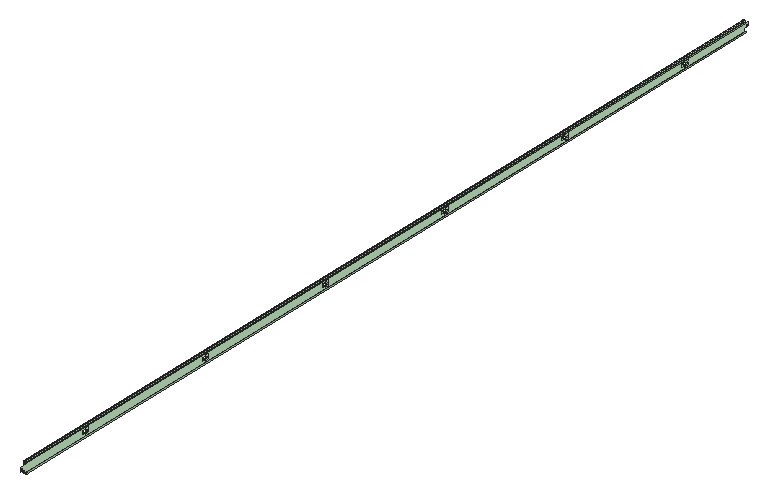
Revit family "eTバー4015メイン(600グリッド用)", category 機械設備, Revit 2020
Family settings
  丸型コネクタ寸法 = 直径を使用
  種別 = なし
  パーツ タイプ = 標準
  作業面ベース = いいえ
  常に垂直 = はい
  ロード時にボイドで切り取り = いいえ
  共有 = いいえ
  部屋計算ポイント = いいえ
Parameters
  製造元 = "株式会社桐井製作所"
  既定の高さ = 0 mm
  URL = "https://www.kirii.co.jp/"
  K_長さ(mm) = 3600 mm
  K_材質 = "溶融亜鉛めっき鋼板及び鋼帯SGCC 一般用　カラー鋼板"
  K_品名 = "eTバー4015メイン(600グリッド用)"
  K_名称 = "Tバー"
  K_入数 = "20"
  K_バージョン情報 = "20220411"
  K_めっき付着量 = "JIS G 3302 Z12、カラー鋼板　塗装膜厚20μ(白色)"
  K_JIS規格 = "JIS G 3302"
Reference planes
  plane 1 "中心(正面/背面)": y = 0
  plane 2: z = 0
  plane 3 "中心(左/右)": x = 0
  plane 4: y = 3600
Forms (mm)
  Extrusion 1, solid
    sketch origin (0, 0, 7.1) x (-1, 0, 0) y (0, 0, 1)
      loop
        arc (0.4, 24.298) -> (0.715, 24.763) -> (1.263, 24.642) r 0.5
        arc (1.263, 24.642) -> (1.627, 24.316) -> (2.1, 24.198) r 1.011
        arc (2.1, 24.198) -> (2.736, 24.462) -> (3, 25.098) r 0.9
        line (3, 25.098) -> (3, 33.198)
        arc (3, 33.198) -> (2.473, 34.079) -> (1.448, 34.032) r 1
        line (1.448, 34.032) -> (0, 33.08) -> (-1.448, 34.032)
        arc (-1.448, 34.032) -> (-2.473, 34.079) -> (-3, 33.198) r 1
        line (-3, 33.198) -> (-3, 25.098)
        arc (-3, 25.098) -> (-2.736, 24.462) -> (-2.1, 24.198) r 0.9
        arc (-2.1, 24.198) -> (-1.627, 24.316) -> (-1.263, 24.642) r 1.011
        arc (-1.263, 24.642) -> (-0.715, 24.763) -> (-0.4, 24.298) r 0.5
        line (-0.4, 24.298) -> (-0.4, -5.65)
        arc (-0.4, -5.65) -> (-0.634, -6.216) -> (-1.2, -6.45) r 0.8
        line (-1.2, -6.45) -> (-2.4, -6.2) -> (-5.375, -6.2) -> (-6.171, -5.941)
        arc (-6.171, -5.941) -> (-7.337, -6.109) -> (-6.7, -7.1) r 0.7
        line (-6.7, -7.1) -> (6.7, -7.1)
        arc (6.7, -7.1) -> (7.337, -6.109) -> (6.171, -5.941) r 0.7
        line (6.171, -5.941) -> (5.375, -6.2) -> (2.4, -6.2) -> (1.2, -6.45)
        arc (1.2, -6.45) -> (0.634, -6.216) -> (0.4, -5.65) r 0.8
        line (0.4, -5.65) -> (0.4, 24.298)
      loop
        arc (-1.668, 33.698) -> (-2.283, 33.727) -> (-2.6, 33.198) r 0.6
        line (-2.6, 33.198) -> (-2.6, 25.098)
        arc (-2.6, 25.098) -> (-2.302, 24.641) -> (-1.763, 24.729) r 0.5
        line (-1.763, 24.729) -> (-1.063, 25.183)
        arc (-1.063, 25.183) -> (-0.324, 24.99) -> (0, 24.298) r 0.9
        arc (0, 24.298) -> (0.324, 24.99) -> (1.063, 25.183) r 0.9
        line (1.063, 25.183) -> (1.763, 24.729)
        arc (1.763, 24.729) -> (2.302, 24.641) -> (2.6, 25.098) r 0.5
        line (2.6, 25.098) -> (2.6, 33.198)
        arc (2.6, 33.198) -> (2.283, 33.727) -> (1.668, 33.698) r 0.6
        line (1.668, 33.698) -> (0.549, 32.963)
        arc (0.549, 32.963) -> (0, 32.798) -> (-0.549, 32.963) r 1
        line (-0.549, 32.963) -> (-1.668, 33.698)
    from 0 to 3600
  Extrusion 2, solid
    sketch origin (0.4, 0, 30.6) x (0, 0, -1) y (0, 1, 0)
      loop
        line (3.661, 0) -> (3.661, -19.4)
        arc (3.661, -19.4) -> (3.954, -20.107) -> (4.661, -20.4) r 1
        line (4.661, -20.4) -> (16.783, -20.4)
        arc (16.783, -20.4) -> (17.49, -20.107) -> (17.783, -19.4) r 1
        line (17.783, -19.4) -> (17.783, 0) -> (17.783, 21.201) -> (3.661, 21.201) -> (3.661, 0)
    from -0.8 to 0
  Extrusion 3, void
    sketch origin (0.4, 3000, 31.225) x (0, 0, 1) y (0, 1, 0)
      loop
        line (-5.5, 284.4) -> (-5.5, 315.6) -> (-23.1, 315.6) -> (-23.1, 284.4) -> (-5.5, 284.4)
    from 0 to 0.8
  Extrusion 4, void
    sketch origin (-0.4, 3018.192, 31.537) x (0, 0, 1) y (0, -1, 0)
      loop
        arc (-19.9, -284.4) -> (-14.3, -287.9) -> (-8.7, -284.4) r 6.23
        line (-8.7, -284.4) -> (-19.9, -284.4)
      loop
        arc (-8.7, -297.4) -> (-14.3, -293.9) -> (-19.9, -297.4) r 6.23
        line (-19.9, -297.4) -> (-8.7, -297.4)
    from 1.2 to 3.447
  Extrusion 5, solid
    sketch origin (-0.081, 3018.2, -7.135) x (-1, 0, 0) y (0, 0, -1)
      loop
        line (-0.387, -33.66) -> (-0.387, -32.86) -> (-1.476, -32.86) -> (-1.476, -26.291)
        arc (-1.476, -26.291) -> (-2.487, -24.267) -> (-1.487, -22.238) r 2.545
        line (-1.487, -22.238) -> (-1.487, -15.26) -> (-0.387, -15.26) -> (-0.387, -14.46) -> (-2.087, -14.46) -> (-2.088, -21.96)
        arc (-2.088, -21.96) -> (-3.087, -24.26) -> (-2.087, -26.56) r 3.145
        line (-2.087, -26.56) -> (-2.087, -33.66) -> (-0.387, -33.66)
    from -297.4 to -284.4
  Extrusion 6, void
    sketch origin (0.4, 2999.992, 31.538) x (0, 0, 1) y (0, 1, 0)
      loop
        line (-19.9, 284.4) -> (-8.7, 284.4)
        arc (-8.7, 284.4) -> (-14.3, 287.9) -> (-19.9, 284.4) r 6.23
      loop
        line (-8.7, 297.4) -> (-19.9, 297.4)
        arc (-19.9, 297.4) -> (-14.3, 293.9) -> (-8.7, 297.4) r 6.23
    from 1.2 to 3.447
  Extrusion 7, solid
    sketch origin (0.081, 3000, -7.135) x (1, 0, 0) y (0, 0, 1)
      loop
        line (-0.387, 33.66) -> (-2.087, 33.66) -> (-2.087, 26.56)
        arc (-2.087, 26.56) -> (-3.087, 24.26) -> (-2.088, 21.96) r 3.145
        line (-2.088, 21.96) -> (-2.087, 14.46) -> (-0.387, 14.46) -> (-0.387, 15.26) -> (-1.487, 15.26) -> (-1.487, 22.238)
        arc (-1.487, 22.238) -> (-2.487, 24.267) -> (-1.476, 26.291) r 2.545
        line (-1.476, 26.291) -> (-1.476, 32.86) -> (-0.387, 32.86) -> (-0.387, 33.66)
    from -297.4 to -284.4
  Extrusion 8, void
    sketch origin (-0.4, 18.192, 31.538) x (0, 0, 1) y (0, -1, 0)
      loop
        arc (-19.9, -284.4) -> (-14.3, -287.9) -> (-8.7, -284.4) r 6.23
        line (-8.7, -284.4) -> (-19.9, -284.4)
      loop
        arc (-8.7, -297.4) -> (-14.3, -293.9) -> (-19.9, -297.4) r 6.23
        line (-19.9, -297.4) -> (-8.7, -297.4)
    from 1.2 to 3.447
  Extrusion 9, solid
    sketch origin (-0.081, 18.2, -7.135) x (-1, 0, 0) y (0, 0, -1)
      loop
        line (-0.387, -33.66) -> (-0.387, -32.86) -> (-1.476, -32.86) -> (-1.476, -26.291)
        arc (-1.476, -26.291) -> (-2.487, -24.267) -> (-1.487, -22.238) r 2.545
        line (-1.487, -22.238) -> (-1.487, -15.26) -> (-0.387, -15.26) -> (-0.387, -14.46) -> (-2.087, -14.46) -> (-2.088, -21.96)
        arc (-2.088, -21.96) -> (-3.087, -24.26) -> (-2.087, -26.56) r 3.145
        line (-2.087, -26.56) -> (-2.087, -33.66) -> (-0.387, -33.66)
    from -297.4 to -284.4
  Extrusion 10, void
    sketch origin (-0.4, 618.192, 31.538) x (0, 0, 1) y (0, -1, 0)
      loop
        arc (-19.9, -284.4) -> (-14.3, -287.9) -> (-8.7, -284.4) r 6.23
        line (-8.7, -284.4) -> (-19.9, -284.4)
      loop
        arc (-8.7, -297.4) -> (-14.3, -293.9) -> (-19.9, -297.4) r 6.23
        line (-19.9, -297.4) -> (-8.7, -297.4)
    from 1.2 to 3.447
  Extrusion 11, solid
    sketch origin (-0.081, 618.2, -7.135) x (-1, 0, 0) y (0, 0, -1)
      loop
        line (-0.387, -33.66) -> (-0.387, -32.86) -> (-1.476, -32.86) -> (-1.476, -26.291)
        arc (-1.476, -26.291) -> (-2.487, -24.267) -> (-1.487, -22.238) r 2.545
        line (-1.487, -22.238) -> (-1.487, -15.26) -> (-0.387, -15.26) -> (-0.387, -14.46) -> (-2.087, -14.46) -> (-2.088, -21.96)
        arc (-2.088, -21.96) -> (-3.087, -24.26) -> (-2.087, -26.56) r 3.145
        line (-2.087, -26.56) -> (-2.087, -33.66) -> (-0.387, -33.66)
    from -297.4 to -284.4
  Extrusion 12, void
    sketch origin (-0.4, 1218.192, 31.538) x (0, 0, 1) y (0, -1, 0)
      loop
        arc (-19.9, -284.4) -> (-14.3, -287.9) -> (-8.7, -284.4) r 6.23
        line (-8.7, -284.4) -> (-19.9, -284.4)
      loop
        arc (-8.7, -297.4) -> (-14.3, -293.9) -> (-19.9, -297.4) r 6.23
        line (-19.9, -297.4) -> (-8.7, -297.4)
    from 1.2 to 3.447
  Extrusion 13, solid
    sketch origin (-0.081, 1218.2, -7.135) x (-1, 0, 0) y (0, 0, -1)
      loop
        line (-0.387, -33.66) -> (-0.387, -32.86) -> (-1.476, -32.86) -> (-1.476, -26.291)
        arc (-1.476, -26.291) -> (-2.487, -24.267) -> (-1.487, -22.238) r 2.545
        line (-1.487, -22.238) -> (-1.487, -15.26) -> (-0.387, -15.26) -> (-0.387, -14.46) -> (-2.087, -14.46) -> (-2.088, -21.96)
        arc (-2.088, -21.96) -> (-3.087, -24.26) -> (-2.087, -26.56) r 3.145
        line (-2.087, -26.56) -> (-2.087, -33.66) -> (-0.387, -33.66)
    from -297.4 to -284.4
  Extrusion 14, void
    sketch origin (-0.4, 1818.192, 31.538) x (0, 0, 1) y (0, -1, 0)
      loop
        arc (-19.9, -284.4) -> (-14.3, -287.9) -> (-8.7, -284.4) r 6.23
        line (-8.7, -284.4) -> (-19.9, -284.4)
      loop
        arc (-8.7, -297.4) -> (-14.3, -293.9) -> (-19.9, -297.4) r 6.23
        line (-19.9, -297.4) -> (-8.7, -297.4)
    from 1.2 to 3.447
  Extrusion 15, solid
    sketch origin (-0.081, 1818.2, -7.135) x (-1, 0, 0) y (0, 0, -1)
      loop
        line (-0.387, -33.66) -> (-0.387, -32.86) -> (-1.476, -32.86) -> (-1.476, -26.291)
        arc (-1.476, -26.291) -> (-2.487, -24.267) -> (-1.487, -22.238) r 2.545
        line (-1.487, -22.238) -> (-1.487, -15.26) -> (-0.387, -15.26) -> (-0.387, -14.46) -> (-2.087, -14.46) -> (-2.088, -21.96)
        arc (-2.088, -21.96) -> (-3.087, -24.26) -> (-2.087, -26.56) r 3.145
        line (-2.087, -26.56) -> (-2.087, -33.66) -> (-0.387, -33.66)
    from -297.4 to -284.4
  Extrusion 16, void
    sketch origin (-0.4, 2418.192, 31.538) x (0, 0, 1) y (0, -1, 0)
      loop
        arc (-19.9, -284.4) -> (-14.3, -287.9) -> (-8.7, -284.4) r 6.23
        line (-8.7, -284.4) -> (-19.9, -284.4)
      loop
        arc (-8.7, -297.4) -> (-14.3, -293.9) -> (-19.9, -297.4) r 6.23
        line (-19.9, -297.4) -> (-8.7, -297.4)
    from 1.2 to 3.447
  Extrusion 17, solid
    sketch origin (-0.081, 2418.2, -7.135) x (-1, 0, 0) y (0, 0, -1)
      loop
        line (-0.387, -33.66) -> (-0.387, -32.86) -> (-1.476, -32.86) -> (-1.476, -26.291)
        arc (-1.476, -26.291) -> (-2.487, -24.267) -> (-1.487, -22.238) r 2.545
        line (-1.487, -22.238) -> (-1.487, -15.26) -> (-0.387, -15.26) -> (-0.387, -14.46) -> (-2.087, -14.46) -> (-2.088, -21.96)
        arc (-2.088, -21.96) -> (-3.087, -24.26) -> (-2.087, -26.56) r 3.145
        line (-2.087, -26.56) -> (-2.087, -33.66) -> (-0.387, -33.66)
    from -297.4 to -284.4
  Extrusion 18, void
    sketch origin (0.4, 1199.992, 31.538) x (0, 0, 1) y (0, 1, 0)
      loop
        line (-19.9, 284.4) -> (-8.7, 284.4)
        arc (-8.7, 284.4) -> (-14.3, 287.9) -> (-19.9, 284.4) r 6.23
      loop
        line (-8.7, 297.4) -> (-19.9, 297.4)
        arc (-19.9, 297.4) -> (-14.3, 293.9) -> (-8.7, 297.4) r 6.23
    from 1.2 to 3.447
  Extrusion 19, solid
    sketch origin (0.081, 1200, -7.135) x (1, 0, 0) y (0, 0, 1)
      loop
        line (-0.387, 33.66) -> (-2.087, 33.66) -> (-2.087, 26.56)
        arc (-2.087, 26.56) -> (-3.087, 24.26) -> (-2.088, 21.96) r 3.145
        line (-2.088, 21.96) -> (-2.087, 14.46) -> (-0.387, 14.46) -> (-0.387, 15.26) -> (-1.487, 15.26) -> (-1.487, 22.238)
        arc (-1.487, 22.238) -> (-2.487, 24.267) -> (-1.476, 26.291) r 2.545
        line (-1.476, 26.291) -> (-1.476, 32.86) -> (-0.387, 32.86) -> (-0.387, 33.66)
    from -297.4 to -284.4
  Extrusion 20, void
    sketch origin (0.4, 1799.992, 31.538) x (0, 0, 1) y (0, 1, 0)
      loop
        line (-19.9, 284.4) -> (-8.7, 284.4)
        arc (-8.7, 284.4) -> (-14.3, 287.9) -> (-19.9, 284.4) r 6.23
      loop
        line (-8.7, 297.4) -> (-19.9, 297.4)
        arc (-19.9, 297.4) -> (-14.3, 293.9) -> (-8.7, 297.4) r 6.23
    from 1.2 to 3.447
  Extrusion 21, solid
    sketch origin (0.081, 1800, -7.135) x (1, 0, 0) y (0, 0, 1)
      loop
        line (-0.387, 33.66) -> (-2.087, 33.66) -> (-2.087, 26.56)
        arc (-2.087, 26.56) -> (-3.087, 24.26) -> (-2.088, 21.96) r 3.145
        line (-2.088, 21.96) -> (-2.087, 14.46) -> (-0.387, 14.46) -> (-0.387, 15.26) -> (-1.487, 15.26) -> (-1.487, 22.238)
        arc (-1.487, 22.238) -> (-2.487, 24.267) -> (-1.476, 26.291) r 2.545
        line (-1.476, 26.291) -> (-1.476, 32.86) -> (-0.387, 32.86) -> (-0.387, 33.66)
    from -297.4 to -284.4
  Extrusion 22, void
    sketch origin (0.4, 2399.992, 31.538) x (0, 0, 1) y (0, 1, 0)
      loop
        line (-19.9, 284.4) -> (-8.7, 284.4)
        arc (-8.7, 284.4) -> (-14.3, 287.9) -> (-19.9, 284.4) r 6.23
      loop
        line (-8.7, 297.4) -> (-19.9, 297.4)
        arc (-19.9, 297.4) -> (-14.3, 293.9) -> (-8.7, 297.4) r 6.23
    from 1.2 to 3.447
  Extrusion 23, solid
    sketch origin (0.081, 2400, -7.135) x (1, 0, 0) y (0, 0, 1)
      loop
        line (-0.387, 33.66) -> (-2.087, 33.66) -> (-2.087, 26.56)
        arc (-2.087, 26.56) -> (-3.087, 24.26) -> (-2.088, 21.96) r 3.145
        line (-2.088, 21.96) -> (-2.087, 14.46) -> (-0.387, 14.46) -> (-0.387, 15.26) -> (-1.487, 15.26) -> (-1.487, 22.238)
        arc (-1.487, 22.238) -> (-2.487, 24.267) -> (-1.476, 26.291) r 2.545
        line (-1.476, 26.291) -> (-1.476, 32.86) -> (-0.387, 32.86) -> (-0.387, 33.66)
    from -297.4 to -284.4
  Extrusion 24, void
    sketch origin (0.4, 1800, 31.225) x (0, 0, 1) y (0, 1, 0)
      loop
        line (-5.5, 284.4) -> (-5.5, 315.6) -> (-23.1, 315.6) -> (-23.1, 284.4) -> (-5.5, 284.4)
    from 0 to 0.8
  Extrusion 25, void
    sketch origin (0.4, 2400, 31.225) x (0, 0, 1) y (0, 1, 0)
      loop
        line (-5.5, 284.4) -> (-5.5, 315.6) -> (-23.1, 315.6) -> (-23.1, 284.4) -> (-5.5, 284.4)
    from 0 to 0.8
  Extrusion 26, void
    sketch origin (0.4, 1200, 31.225) x (0, 0, 1) y (0, 1, 0)
      loop
        line (-5.5, 284.4) -> (-5.5, 315.6) -> (-23.1, 315.6) -> (-23.1, 284.4) -> (-5.5, 284.4)
    from 0 to 0.8
  Extrusion 27, void
    sketch origin (0.4, 600, 31.225) x (0, 0, 1) y (0, 1, 0)
      loop
        line (-5.5, 284.4) -> (-5.5, 315.6) -> (-23.1, 315.6) -> (-23.1, 284.4) -> (-5.5, 284.4)
    from 0 to 0.8
  Extrusion 28, void
    sketch origin (0.4, 0, 31.225) x (0, 0, 1) y (0, 1, 0)
      loop
        line (-5.5, 284.4) -> (-5.5, 315.6) -> (-23.1, 315.6) -> (-23.1, 284.4) -> (-5.5, 284.4)
    from 0 to 0.8
  Extrusion 29, void
    sketch origin (0.4, -0.008, 31.538) x (0, 0, 1) y (0, 1, 0)
      loop
        line (-19.9, 284.4) -> (-8.7, 284.4)
        arc (-8.7, 284.4) -> (-14.3, 287.9) -> (-19.9, 284.4) r 6.23
      loop
        line (-8.7, 297.4) -> (-19.9, 297.4)
        arc (-19.9, 297.4) -> (-14.3, 293.9) -> (-8.7, 297.4) r 6.23
    from 1.2 to 3.447
  Extrusion 30, solid
    sketch origin (0.081, 0, -7.135) x (1, 0, 0) y (0, 0, 1)
      loop
        line (-0.387, 33.66) -> (-2.087, 33.66) -> (-2.087, 26.56)
        arc (-2.087, 26.56) -> (-3.087, 24.26) -> (-2.088, 21.96) r 3.145
        line (-2.088, 21.96) -> (-2.087, 14.46) -> (-0.387, 14.46) -> (-0.387, 15.26) -> (-1.487, 15.26) -> (-1.487, 22.238)
        arc (-1.487, 22.238) -> (-2.487, 24.267) -> (-1.476, 26.291) r 2.545
        line (-1.476, 26.291) -> (-1.476, 32.86) -> (-0.387, 32.86) -> (-0.387, 33.66)
    from -297.4 to -284.4
  Extrusion 31, void
    sketch origin (0.4, 599.992, 31.538) x (0, 0, 1) y (0, 1, 0)
      loop
        line (-19.9, 284.4) -> (-8.7, 284.4)
        arc (-8.7, 284.4) -> (-14.3, 287.9) -> (-19.9, 284.4) r 6.23
      loop
        line (-8.7, 297.4) -> (-19.9, 297.4)
        arc (-19.9, 297.4) -> (-14.3, 293.9) -> (-8.7, 297.4) r 6.23
    from 1.2 to 3.447
  Extrusion 32, solid
    sketch origin (0.081, 600, -7.135) x (1, 0, 0) y (0, 0, 1)
      loop
        line (-0.387, 33.66) -> (-2.087, 33.66) -> (-2.087, 26.56)
        arc (-2.087, 26.56) -> (-3.087, 24.26) -> (-2.088, 21.96) r 3.145
        line (-2.088, 21.96) -> (-2.087, 14.46) -> (-0.387, 14.46) -> (-0.387, 15.26) -> (-1.487, 15.26) -> (-1.487, 22.238)
        arc (-1.487, 22.238) -> (-2.487, 24.267) -> (-1.476, 26.291) r 2.545
        line (-1.476, 26.291) -> (-1.476, 32.86) -> (-0.387, 32.86) -> (-0.387, 33.66)
    from -297.4 to -284.4
  Extrusion 33, void
    sketch origin (0.4, 0, 38.1) x (0, 0, 1) y (0, 1, 0)
      loop
        line (-17.561, -16.4) -> (-17.561, -9.2) -> (-22.361, -9.2) -> (-22.361, -16.4) -> (-17.561, -16.4)
    from 0 to 1.6
  Extrusion 34, solid
    sketch origin (0.4, 3600, 30.6) x (0, 0, -1) y (0, 1, 0)
      loop
        line (3.661, 0) -> (3.661, -21.201) -> (17.783, -21.201) -> (17.783, 0) -> (17.783, 19.4)
        arc (17.783, 19.4) -> (17.49, 20.107) -> (16.783, 20.4) r 1
        line (16.783, 20.4) -> (4.661, 20.4)
        arc (4.661, 20.4) -> (3.954, 20.107) -> (3.661, 19.4) r 1
        line (3.661, 19.4) -> (3.661, 0)
    from -0.8 to 0
  Extrusion 35, void
    sketch origin (0.4, 3600, 38.1) x (0, 0, 1) y (0, 1, 0)
      loop
        line (-17.561, 16.4) -> (-22.361, 16.4) -> (-22.361, 9.2) -> (-17.561, 9.2) -> (-17.561, 16.4)
    from 0 to 10
Cuts and joins
  Extrusion 3, Extrusion 24, Extrusion 25, Extrusion 26, Extrusion 27, Extrusion 28, Extrusion 33, Extrusion 35 cuts Extrusion 1
  Extrusion 24, Extrusion 25, Extrusion 26, Extrusion 27, Extrusion 28, Extrusion 33, Extrusion 35 cuts Extrusion 2
  Extrusion 4, Extrusion 24, Extrusion 25, Extrusion 26, Extrusion 27, Extrusion 28, Extrusion 33, Extrusion 35 cuts Extrusion 5
  Extrusion 6, Extrusion 24, Extrusion 25, Extrusion 26, Extrusion 27, Extrusion 28, Extrusion 33, Extrusion 35 cuts Extrusion 7
  Extrusion 35 cuts Extrusion 34
  joined: Extrusion 1, Extrusion 2, Extrusion 5, Extrusion 7, Extrusion 34
  Extrusion 8, Extrusion 28 cuts Extrusion 9
  Extrusion 10, Extrusion 27 cuts Extrusion 11
  Extrusion 12, Extrusion 26 cuts Extrusion 13
  Extrusion 14, Extrusion 24 cuts Extrusion 15
  Extrusion 16, Extrusion 25 cuts Extrusion 17
  Extrusion 18, Extrusion 26 cuts Extrusion 19
  Extrusion 20, Extrusion 24 cuts Extrusion 21
  Extrusion 22, Extrusion 25 cuts Extrusion 23
  Extrusion 29 cuts Extrusion 30
  Extrusion 31 cuts Extrusion 32
Dimensions and locks
  plane 4 to plane 1 "中心(正面/背面)" = 3600 mm
  aligned and locked: level to plane 2
  aligned and locked: plane 4 to Extrusion 1
